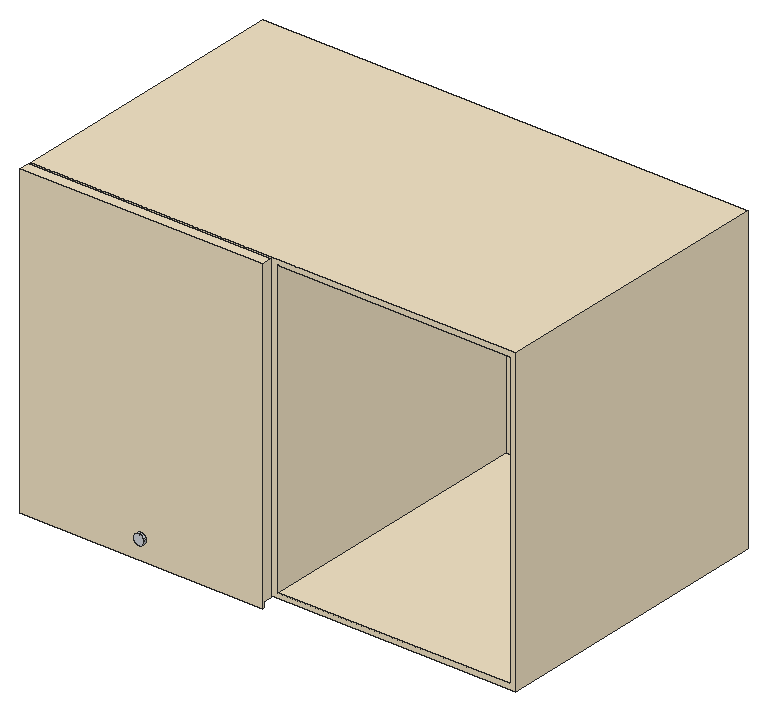
Revit family "0dccc677623648a9bdda2f5893c1c5fa", category Furniture Systems, Revit 2021
Family settings
  Round Connector Dimension = Use Diameter
  Part Type = Normal
  OmniClass Number = 23.40.70.14.64.21
  OmniClass Title = Systems Furniture
  Work Plane-Based = No
  Always vertical = Yes
  Cut with Voids When Loaded = No
  Shared = No
  Room Calculation Point = No
Parameters (values of type "24" x 15" x 15"")
  Width = 24"
  Type Comments = "24\" x 15\" x 15\" Overhead Split Cabinet"
  Model = ""
  Manufacturer = ""
  Height = 15"
  Door Material [instance] = Metal - Paint - Beige
  Description = ""
  Depth = 15"
  Default Elevation = 0"
  Cabinet Material [instance] = Metal - Paint - Beige
Types (5): name | Width | Type Comments
  30" x 15" x 15" | 30" | "30\" x 15\" x 15\" Overhead Split Cabinet"
  24" x 15" x 15" | 24" | "24\" x 15\" x 15\" Overhead Split Cabinet"
  36" x 15" x 15" | 36" | "36\" x 15\" x 15\" Overhead Split Cabinet"
  42" x 15" x 15" | 42" | "42\" x 15\" x 15\" Overhead Split Cabinet"
  48" x 15" x 15" | 48" | "48\" x 15\" x 15\" Overhead Split Cabinet"
Reference planes (in)
  plane 1 "Center (Front/Back)": y = 15
  plane 2: z = 0
  plane 3 "Center (Left/Right)": x = 0
  plane 4 "Left": x = -12
  plane 5 "Right": x = 12
  plane 6 "Front": y = 0
  plane 7: y = 0.656
  plane 8 "Top": z = 15
  plane 9: z = -0.25
  plane 10: y = 0.531
  plane 11: y = 14.75
  plane 12: x = -6
Forms (in)
  Extrusion 1, solid, material "Metal - Paint - Beige" <- "Cabinet Material"
    sketch origin (0, 22, 0) x (1, 0, 0) y (0, 1, 0)
      loop
        line (-12, -7) -> (-12, -21.344) -> (12, -21.344) -> (12, -7) -> (-12, -7)
    from 0 to 15
  Extrusion 2, solid, material "Metal - Paint - Beige" <- "Door Material", detail levels medium+fine
    sketch origin (0, 0, 0) x (0, 1, 0) y (0, 0, 1)
      loop
        line (0.531, 0) -> (0.531, 15) -> (0, 15) -> (0, -0.25) -> (0.06, -0.25) -> (0.06, 0) -> (0.531, 0)
    from -12 to 0
  Extrusion 3, solid, material "Metal - Paint - Beige" <- "Door Material", detail levels coarse
    sketch origin (0, 15, 0) x (1, 0, 0) y (0, 0, 1)
      loop
        line (-12, -0.25) -> (0, -0.25) -> (0, 15) -> (-12, 15) -> (-12, -0.25)
    from 14.469 to 15
  Extrusion 4, solid, detail levels fine
    sketch origin (0, 0, 0) x (-1, 0, 0) y (0, 0, 1)
      loop
        circle (6, 0.75) r 0.25
    from -0.13995 to 0
  Extrusion 5, void
    sketch origin (0, 0, 0) x (-1, 0, 0) y (0, 0, 1)
      loop
        line (11.75, 14.75) -> (0.25, 14.75) -> (0.25, 0.25) -> (11.75, 0.25) -> (11.75, 14.75)
      loop
        line (-11.75, 0.25) -> (-0.25, 0.25) -> (-0.25, 14.75) -> (-11.75, 14.75) -> (-11.75, 0.25)
    from 0.656 to 14.75
Cuts and joins
  Extrusion 5 cuts Extrusion 1
  Extrusion 5 cuts Extrusion 2
  Extrusion 5 cuts Extrusion 3
  Extrusion 5 cuts Extrusion 4
Lines and regions (in)
  Masking region 1
    outline origin (0, 22, 0) x (1, 0, 0) y (0, 1, 0)
      loop
        line (-12, -7) -> (-12, -22) -> (0, -22) -> (0, -21.344) -> (12, -21.344) -> (12, -7) -> (-12, -7)
  symbolic lines, style "Storage"
    curve 1: line (-12, 0.656, 0) -> (0, 0.656, 0)
    curve 5: line (-12, 0.656, 0) -> (0, 15, 0)
    curve 6: line (0, 0.656, 0) -> (12, 15, 0)
  symbolic lines, style "FurnitureSystemsHiddenLines"
    curve 2: line (-12, 0, 15) -> (-6, 0, 0)
    curve 3: line (0, 0, 15) -> (-6, 0, 0)
    curve 4: line (0, 15, 0) -> (0, 0.656, 0)
Dimensions and locks (in)
  "Width": plane 4 "Left" to plane 5 "Right"
  "Depth": plane 6 "Front" to plane 1 "Center (Front/Back)"
  equal spacing: plane 4 "Left", plane 3 "Center (Left/Right)", plane 5 "Right"
  locked: plane 7 to plane 6 "Front" at 0.656
  locked: plane 6 "Front" to Extrusion 2 sketch curve at 0.06
  "Height": plane 8 "Top" to plane 2
  locked: plane 10 to plane 7 at 0.125
  plane 9 to Extrusion 3 sketch curve = 0"
  locked: plane 2 to plane 9 at 0.25
  locked: Extrusion 4 sketch curve to plane 9 at 1
  locked: plane 6 "Front" to Extrusion 4 at 0.13995
  locked: plane 8 "Top" to Extrusion 5 sketch curve at 0.25
  locked: Extrusion 5 sketch curve to plane 2 at 0.25
  locked: Extrusion 5 sketch curve to plane 5 "Right" at 0.25
  locked: Extrusion 5 sketch curve to plane 4 "Left" at 0.25
  locked: plane 1 "Center (Front/Back)" to plane 11 at 0.25
  locked: Extrusion 5 sketch curve to plane 3 "Center (Left/Right)" at 0.25  (x2)
  equal spacing: plane 3 "Center (Left/Right)", plane 12, plane 4 "Left"
  aligned and locked: plane 1 "Center (Front/Back)" to Extrusion 1 sketch curve
  aligned and locked: Extrusion 1 sketch curve to plane 5 "Right"
  aligned and locked: plane 4 "Left" to Extrusion 1 sketch curve
  aligned and locked: plane 7 to Extrusion 1 sketch curve
  aligned: Extrusion 1 to plane 9
  aligned and locked: Extrusion 2 sketch curve to plane 6 "Front"
  aligned and locked: Extrusion 2 to plane 4 "Left"
  aligned: plane 5 "Right" to Extrusion 2
  aligned and locked: level to plane 2
  aligned and locked: Extrusion 2 sketch curve to plane 10
  aligned and locked: plane 1 "Center (Front/Back)" to Masking region 1 sketch curve
  aligned and locked: Masking region 1 sketch curve to plane 5 "Right"
  aligned and locked: plane 4 "Left" to Masking region 1 sketch curve
  aligned and locked: plane 4 "Left" to Extrusion 3 sketch curve
  aligned: plane 10 to Extrusion 3
  aligned: Extrusion 3 to plane 6 "Front"
  aligned and locked: Extrusion 1 to plane 2
  aligned and locked: plane 8 "Top" to Extrusion 1
  aligned and locked: plane 8 "Top" to Extrusion 3 sketch curve
  aligned and locked: Extrusion 2 sketch curve to plane 8 "Top"
  aligned and locked: Extrusion 2 sketch curve to plane 9
  aligned and locked: Extrusion 2 sketch curve to level
  aligned and locked: Extrusion 3 to plane 9
  aligned and locked: plane 6 "Front" to Extrusion 4
  aligned and locked: Extrusion 5 to plane 7
  aligned and locked: Extrusion 5 to plane 11
  aligned and locked: Extrusion 3 sketch curve to plane 3 "Center (Left/Right)"
  aligned and locked: plane 3 "Center (Left/Right)" to cut or joined group of Extrusion 2, Extrusion 5
  aligned and locked: plane 12 to Extrusion 4 sketch curve
  aligned and locked: cut or joined group of Extrusion 3, Extrusion 5 to plane 6 "Front"
  aligned and locked: plane 10 to cut or joined group of Extrusion 3, Extrusion 5
  aligned and locked: plane 3 "Center (Left/Right)" to Masking region 1 sketch curve
  aligned and locked: Masking region 1 sketch curve to plane 7
  aligned and locked: plane 7 to curve 4
  aligned and locked: plane 3 "Center (Left/Right)" to curve 5
  aligned and locked: plane 1 "Center (Front/Back)" to curve 5
  aligned and locked: plane 5 "Right" to curve 6
  aligned and locked: plane 1 "Center (Front/Back)" to curve 6
  aligned and locked: plane 4 "Left" to curve 5
  aligned and locked: plane 7 to curve 5
  aligned and locked: plane 3 "Center (Left/Right)" to curve 6
Automatic sketch dimensions
  Extrusion 5 sketch curve to Extrusion 5 sketch curve = 0"  (x2)
  curve 3 to plane 3 "Center (Left/Right)" = 0"
  curve 2 to plane 12 = 0"
  curve 3 to level = 0"
  curve 2 to plane 4 "Left" = 0"
  curve 3 to plane 8 "Top" = 0"
  curve 2 to plane 8 "Top" = 0"
  Masking region 1 sketch curve to plane 6 "Front" = 0"
  radius of Extrusion 4 sketch curve = 1/4"
